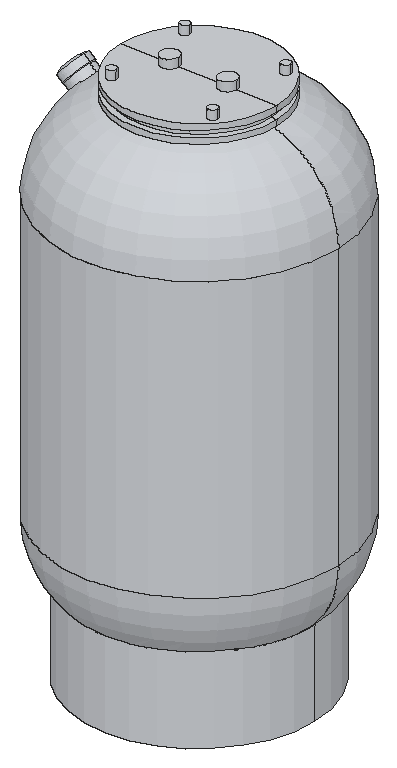
Revit family "NLA-35", category Mechanical Equipment, Revit 2014
Parameters (values of type "NLA-35")
  VoidLength = F * 0.25  # 2 1/2"
  URL = "http://westank.com/"
  Tank Volume = "10 Gallons"
  Part Number = "22010035"
  OuterRadius = F / 2  # 5"
  Model = "NLA-35"
  Maximum Operating Pressure = "125 PSIG"
  Maximum Operating Temperature = "240°F"
  Manufacturer = "Wessels Company"
  InnerRadius = (F * 0.9844) / 2  # 4.922"
  HandleAngle = 45.00°
  F = 10"
  C = 3/4"
  B = 23 1/2"
  Approximate Shipment Weight = "40 lbs"
  Angle = 41.00°
  A = 12"
Reference planes (in)
  plane 1 "Center (Front/Back)": y = 0
  plane 2: z = 0
  plane 3 "Center (Left/Right)": x = 0
  plane 4: x = -6
  plane 5: z = 5.47343
  plane 6: z = 22.35433
  plane 7: z = 23.14567
  plane 8: y = 1.9685
  plane 9: y = -1.9685
  plane 10: x = 2.1751
  plane 11: x = -2.1751
  plane 12: z = 23.5
  plane 13: x = 6
  plane 14: z = 16.99842
  plane 15: x = -5
  plane 16: x = 5
Forms (in)
  Revolve 1, solid
    sketch origin (0, 0, -5.125) x (1, 0, 0) y (0, 0, 1)
      loop
        line (0, 27.47933) -> (-2.92524, 27.47933)
        arc (-2.92524, 27.47933) -> (-5.13532, 26.11893) -> (-6, 23.67199) r 3.89461
        line (-6, 23.67199) -> (-6, 11.46384)
        arc (-6, 11.46384) -> (-5.13532, 9.0169) -> (-2.92524, 7.6565) r 3.89461
        line (-2.92524, 7.6565) -> (0, 7.6565) -> (0, 27.47933)
      axis (0, 27.47933) -> (0, 7.6565)
    angle from 0 to 360
  Extrusion 2, solid
    sketch origin (0, 0, 0) x (1, 0, 0) y (0, 1, 0)
      loop
        circle (0, 0) r 5
      loop
        circle (0, 0) r 4.922
    from 5.47343 to 0
  Revolve 3, solid
    sketch origin (0, 0, 0) x (1, 0, 0) y (0, 0, 1)
      loop
        line (0, 23.14567) -> (0, 22.35433) -> (3.36891, 22.35433) -> (3.36891, 22.60433) -> (3.11891, 22.60433) -> (3.11891, 22.88832) -> (3.36891, 22.88832) -> (3.36891, 23.14567) -> (0, 23.14567)
      axis (0, 23.14567) -> (0, 22.35433)
    angle from 0 to 360
  Extrusion 4, solid
    sketch origin (-60.41868, -180, 22.35433) x (-1, 0, 0) y (0, -1, 0)
      loop
        circle (-58.24358, -181.9685) r 0.19685
      loop
        circle (-58.24358, -178.0315) r 0.19685
      loop
        circle (-62.59379, -178.0315) r 0.19685
      loop
        circle (-62.59379, -181.9685) r 0.19685
    from 1.14567 to 0.79134
  Extrusion 5, solid
    sketch origin (-60.41868, -180, 22.35433) x (-1, 0, 0) y (0, -1, 0)
      loop
        circle (-59.16868, -180) r 0.375
      loop
        circle (-61.66868, -180) r 0.375
    from 1.14567 to 0.79134
  Revolve 6, solid
    sketch origin (0, 0, 16.99842) x (-0.75471, 0, 0.656059) y (-0.656059, 0, -0.75471)
      loop
        line (6.14266, 0) -> (6.14266, -0.64856) -> (6.78908, -0.64856) -> (6.81239, -0.67188) -> (7.15285, -0.67188)
        arc (7.15285, -0.67188) -> (7.26101, -0.34361) -> (7.22367, 0) r 0.81647
        line (7.22367, 0) -> (6.14266, 0)
      axis (6.14266, 0) -> (7.22367, 0)
    angle from 0 to 360
Cuts and joins
  joined: Revolve 1, Extrusion 2, Revolve 3, Revolve 6
Lines and regions (in)
  reference lines
    curve 1: line (0, 0, 16.99842) -> (-5.47164, 0, 21.75485)
Dimensions and locks (in)
  plane 5 to level = 5.47343"
  locked: plane 7 to plane 6 at 0.79134
  equal spacing: plane 11, plane 3 "Center (Left/Right)", plane 10
  equal spacing: plane 8, plane 1 "Center (Front/Back)", plane 9
  "B": plane 12 to level
  equal spacing: plane 13, plane 3 "Center (Left/Right)", plane 4
  "A": plane 13 to plane 4
  locked: Extrusion 5 sketch curve to plane 1 "Center (Front/Back)" at 0  (x2)
  locked: plane 12 to plane 7 at 0.35433
  equal spacing: plane 16, plane 3 "Center (Left/Right)", plane 15
  "F": plane 16 to plane 15
  "OuterRadius": radius of Extrusion 2 sketch curve
  "InnerRadius": radius of Extrusion 2 sketch curve
  "C": diameter of Extrusion 5 sketch curve
  "Angle": angle curve 1 to plane 14
  aligned and locked: level to plane 2
  aligned and locked: Extrusion 2 to level
  aligned and locked: Revolve 3 sketch curve to plane 6
  aligned and locked: plane 7 to Revolve 3 sketch curve
  aligned and locked: Revolve 3 sketch curve to plane 3 "Center (Left/Right)"  (x2)
  aligned and locked: Revolve 1 sketch curve to plane 6
  aligned and locked: plane 7 to Extrusion 4
  aligned and locked: plane 12 to Extrusion 4
  aligned and locked: plane 4 to Revolve 1 sketch curve
  aligned and locked: Extrusion 5 to plane 7
  aligned and locked: plane 12 to Extrusion 5
  aligned and locked: plane 3 "Center (Left/Right)" to curve 1
  aligned and locked: plane 14 to curve 1
  aligned and locked: Revolve 6 sketch curve to curve 1
  aligned and locked: Revolve 6 sketch curve to Revolve 6 sketch curve
Automatic sketch dimensions
  Revolve 3 sketch curve to plane 6 = 0"
  plane 6 to Revolve 3 sketch curve = 1/4"
  Revolve 3 sketch curve to Revolve 3 sketch curve = 1/4"  (x2)
  Revolve 3 sketch curve to plane 7 = 0.25735"
  Revolve 3 sketch curve to Revolve 3 sketch curve = 1/2"
  Revolve 1 sketch curve to plane 3 "Center (Left/Right)" = 0"  (x2)
  Revolve 1 sketch curve to level = 2.26259"
  Revolve 1 sketch curve to plane 6 = 1.77165"
  plane 5 to Revolve 1 sketch curve = 0.86541"
  Extrusion 4 sketch curve to plane 9 = 0"  (x2)
  Extrusion 4 sketch curve to plane 10 = 0"  (x2)
  Extrusion 4 sketch curve to plane 8 = 0"  (x2)
  Extrusion 4 sketch curve to plane 11 = 0"  (x2)
  Revolve 6 sketch curve to curve 1 = 0"  (x2)
  Revolve 6 sketch curve to Revolve 6 sketch curve = 0.30638"
  Revolve 6 sketch curve to curve 1 = 59/128"
  Revolve 6 sketch curve to Revolve 6 sketch curve = 0.02331"  (x2)
  curve 1 to Revolve 6 sketch curve = 0.25803"
  Revolve 6 sketch curve to Revolve 6 sketch curve = 0.39053"
  Revolve 6 sketch curve to curve 1 = 0.09715"
  Revolve 6 sketch curve to curve 1 = 0.02633"
  Revolve 1 sketch curve to plane 11 = 0.75013"  (x2)
  plane 11 to Revolve 1 sketch curve = 0.06971"  (x2)
  plane 10 to Revolve 3 sketch curve = 0.94381"
  Extrusion 2 sketch curve to Extrusion 2 sketch curve = 0"  (x2)
  plane 1 "Center (Front/Back)" to Extrusion 2 sketch curve = 0"
  Extrusion 2 sketch curve to plane 3 "Center (Left/Right)" = 0"
  Extrusion 5 sketch curve to plane 10 = 0.9251"
  plane 11 to Extrusion 5 sketch curve = 0.9251"
  radius of Extrusion 4 sketch curve = 0.19685"  (x4)
  radius of Extrusion 5 sketch curve = 3/8"
Connectors (in)
  piping at (1.25, 0, 23.5), diameter 0.75, driven by "C"
    settings: on Extrusion 5, index 3, connector inside diameter 24", connector length 0", flow factor 0, pipe flow 0 GPM, pressure drop 0.00 psi, fitting loss kfactor 0, connector angle 0.00°, fixture units 0, engagement length 0", angle of deflection 0.00°, flow configuration 0, flow direction 0, fitting loss method 0, system type 19, joint type 0, gender type 0, connector reference index -1, connector utility 0, adjustable connector no, is connector primary yes, connector description ""
